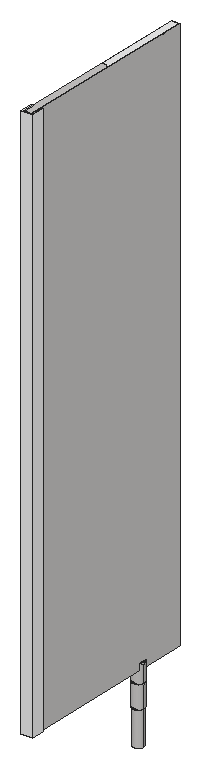
Revit family "Urinal_Screen-Privada-Floor_Anchored updated", category Specialty Equipment, Revit 2016
Family settings
  Part Type = Normal
  Round Connector Dimension = Use Diameter
  OmniClass Number = 23.40.20.21
  OmniClass Title = Toilet and Bath Specialties
  Work Plane-Based = Yes
  Always vertical = No
  Cut with Voids When Loaded = No
  Shared = Yes
  Room Calculation Point = No
Parameters (values of type "Privada Urinal Screen")
  Warranty Information = "10 Year Warranty"
  URL = "http://www.privadapartitions.com/"
  Phone Number = "416-250-5656"  # constant formula
  Omniclass Table 23 Title = "Toilet and Bath Specialties"  # constant formula
  Omniclass Table 23 Code = "23.40.20.21"  # constant formula
  Model = "Privada Urinal Screen"
  Material = Aluminum-Privada-Satin
  Masterformat Title = "10 22 00"  # constant formula
  Masterformat Number = "10 22 00"  # constant formula
  Manufacturer = "Privada"
  Length = 24"
  Installation Type = "Floor-Anchored"
  Height = 72"
  Hardware Material = Aluminum-Privada-Matte
  Description = "Privada Urinal Screen, lengths from 1'-6\" to  2'-0\""
  Default Elevation = 0"
  Creation Date = "01/12/2015"  # constant formula
  Created By = "Allied Technical Services"  # constant formula
  Assembly Code = "E2010"
  ATS URL = "http://www.atsspec.net"
Reference planes (in)
  plane 1 "Center (Front/Back)": y = 0
  plane 2: z = 0
  plane 3 "Center (Left/Right)": x = 0
  plane 4: z = 9
  plane 5: z = 81
  plane 6: y = -18
  plane 7: y = 6
  plane 8: z = 9
Forms (in)
  Revolve 1, solid, material "Aluminum-Privada-Matte" <- "Hardware Material"
    sketch origin (0, 0, 0) x (1, 0, 0) y (0, 0, 1)
      loop
        line (-0.625, 0) -> (-0.59375, 0) -> (-0.59375, 0.03125) -> (-0.5625, 0.03125) -> (-0.5625, 0) -> (0, 0) -> (0, 8.5) -> (-0.42484, 8.5) -> (-0.42484, 10) -> (-0.71875, 9.83031)
        arc (-0.71875, 9.83031) -> (-0.74163, 9.80744) -> (-0.75, 9.77619) r 0.0625
        line (-0.75, 9.77619) -> (-0.75, 7.53125)
        arc (-0.75, 7.53125) -> (-0.74085, 7.50915) -> (-0.71875, 7.5) r 0.03125
        arc (-0.71875, 7.5) -> (-0.74085, 7.49085) -> (-0.75, 7.46875) r 0.03125
        line (-0.75, 7.46875) -> (-0.75, 4.53125)
        arc (-0.75, 4.53125) -> (-0.74085, 4.50915) -> (-0.71875, 4.5) r 0.03125
        line (-0.71875, 4.5) -> (-0.625, 4.5) -> (-0.625, 0)
      axis (0, 0) -> (0, 10)
    angle from 0 to 360
  Extrusion 2, solid, material "Aluminum-Privada-Satin" <- "Material"
    sketch origin (0, 0, 0) x (1, 0, 0) y (0, 0, 1)
      loop
        line (0.42484, 9) -> (0.42484, 81) -> (-0.42484, 81) -> (-0.42484, 9) -> (0.42484, 9)
    from -5.93751 to 17.875
  Extrusion 3, solid, material "Aluminum-Privada-Satin"
    sketch origin (0, 0, 0) x (1, 0, 0) y (0, 1, 0)
      loop
        line (-0.75, -18) -> (0.75, -18) -> (0.75, -16.375) -> (0.5, -16.375) -> (0.5, -17.875) -> (-0.5, -17.875) -> (-0.5, -16.375) -> (-0.75, -16.375) -> (-0.75, -18)
    from 9 to 81
  Extrusion 4, solid, material "Aluminum-Privada-Matte" <- "Hardware Material"
    sketch origin (0, 0, 0) x (1, 0, 0) y (0, 1, 0)
      loop
        line (-0.5, -17.875) -> (0.5, -17.875) -> (0.5, 6) -> (-0.5, 6) -> (-0.5, -17.875)
    from 9 to 81
Cuts and joins
  joined: Revolve 1, Extrusion 4
Dimensions and locks (in)
  plane 4 to level = 9"
  "Height": plane 5 to plane 4
  "Length": plane 7 to plane 6
  locked: cut or joined group of Revolve 1, Extrusion 4 to Extrusion 2 at 0.06249
  locked: plane 7 to plane 1 "Center (Front/Back)" at 6
  locked: Extrusion 3 sketch curve to cut or joined group of Revolve 1, Extrusion 4 at 0.125
  Extrusion 3 sketch curve to cut or joined group of Revolve 1, Extrusion 4 to cut or joined group of Revolve 1, Extrusion 4 to Extrusion 3 sketch curve = 1/4" locked, 1" locked, 1/4" locked
  aligned and locked: plane 8 to Extrusion 4
  aligned and locked: Extrusion 2 to plane 4
  aligned and locked: Extrusion 4 to plane 4
  aligned and locked: Extrusion 3 to plane 4
  aligned and locked: plane 7 to cut or joined group of Revolve 1, Extrusion 4
  aligned and locked: plane 6 to Extrusion 3
  aligned and locked: cut or joined group of Revolve 1, Extrusion 4 to Extrusion 2
  aligned and locked: cut or joined group of Revolve 1, Extrusion 4 to Extrusion 3
Automatic sketch dimensions
  Revolve 1 sketch curve to level = 0"  (x2)
  Revolve 1 sketch curve to plane 3 "Center (Left/Right)" = 0"  (x2)
  Revolve 1 sketch curve to plane 3 "Center (Left/Right)" = 0.42484"
  Revolve 1 sketch curve to Revolve 1 sketch curve = 9/16"
  Revolve 1 sketch curve to Revolve 1 sketch curve = 1/32"  (x4)
  Revolve 1 sketch curve to plane 3 "Center (Left/Right)" = 5/8"
  Revolve 1 sketch curve to Revolve 1 sketch curve = 0.26266"
  Revolve 1 sketch curve to plane 3 "Center (Left/Right)" = 23/32"
  Revolve 1 sketch curve to Revolve 1 sketch curve = 3/32"
  Revolve 1 sketch curve to Revolve 1 sketch curve = 0"  (x2)
  Revolve 1 sketch curve to Revolve 1 sketch curve = 1/16"
  Revolve 1 sketch curve to Revolve 1 sketch curve = 4 15/32"
  Revolve 1 sketch curve to plane 4 = 1 17/32"
  Revolve 1 sketch curve to Revolve 1 sketch curve = 0.04076"
  Revolve 1 sketch curve to Revolve 1 sketch curve = 0.35908"
  Revolve 1 sketch curve to plane 4 = 1/2"
  plane 4 to Revolve 1 sketch curve = 0.77619"
  Revolve 1 sketch curve to Revolve 1 sketch curve = 0.16969"
  Extrusion 2 sketch curve to plane 4 = 0"
  Extrusion 2 sketch curve to plane 5 = 0"
  Extrusion 2 sketch curve to plane 3 "Center (Left/Right)" = 0.42484"
  plane 3 "Center (Left/Right)" to Extrusion 2 sketch curve = 0.42484"
  Extrusion 3 sketch curve to plane 6 = 1/8"
  Extrusion 3 sketch curve to Extrusion 3 sketch curve = 1/4"  (x2)
  Extrusion 3 sketch curve to Extrusion 3 sketch curve = 1 1/2"
  Extrusion 3 sketch curve to Extrusion 3 sketch curve = 0"
  Extrusion 4 sketch curve to plane 7 = 0"
  Extrusion 4 sketch curve to plane 3 "Center (Left/Right)" = 1/2"
  plane 3 "Center (Left/Right)" to Extrusion 4 sketch curve = 1/2"
  Extrusion 4 sketch curve to plane 6 = 1/8"
